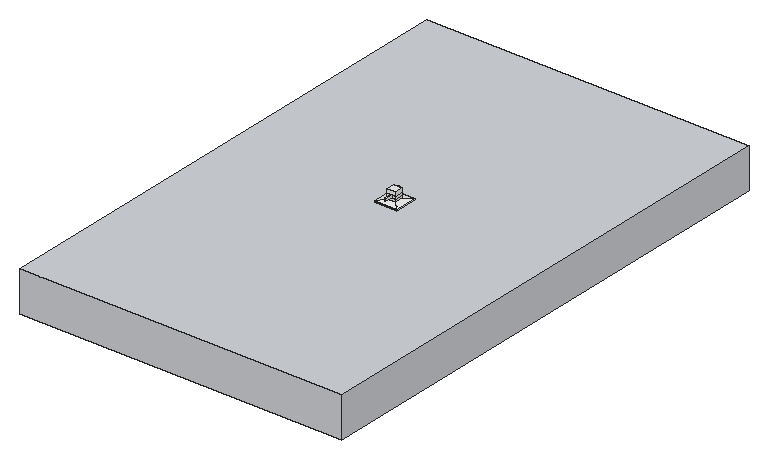
Revit family "Balance_Trim-GROHE-Allure_Brilliant-19786000-Updated", category Plumbing Fixtures, host Face, Revit 2019
Family settings
  Host = Face
  Round Connector Dimension = Use Diameter
  Part Type = Normal
  OmniClass Number = 23.45.05.14.17
  OmniClass Title = Showers
  Cut with Voids When Loaded = No
  Shared = No
  Room Calculation Point = No
Parameters (values of type "19786000")
  Width = 6 11/16"  # constant formula
  Waste Connection = no
  Warranty Information = "Limited Lifetime Warranty"  # constant formula
  Warranty Documentation Link = "https://cdn.cloud.grohe.com/tpi/1000/1900/1940/1949/1949006/original/1949006.pdf"
  WFU = 0  # constant formula
  Vent Connection = no
  URL = "https://www.grohe.us/"
  Type Comments = ""
  Shipping Weight = 6.230 lbf
  Revised Date = "07/2/2021"  # constant formula
  Product Page URL = "https://www.grohe.us/Bath-Shower-Trim-Kits/Dual-Function-Pressure-Balance-Trim-with-Control-Module/GROHE-CHROME-19786000"
  Product Documentation Link = "https://americanstandard.box.com/shared/static/on4i4oiyrb0me6a8ue2f67cj7fkzlk8w.pdf"
  Price = "Prices may vary. Please consult Manufacturer Representative for most up-to-date price list."  # constant formula
  Model = "19786000"
  Material = "Metal-Grohe-StarLight_Chrome"
  Manufacturer = "Grohe"
  Length [instance] = 3 7/16"
  Length Constraint [instance] = if(Length < 3 7/16", 3 7/16", if(Length > 4 5/8", 4 5/8", Length))  # 3 7/16"
  Keynote = "2-way diverter function"
  Installation Type = "Wall Mounted"
  IAPMO Compliance = "ASME A112.18.1/CSA B125.1"
  Height = 6 11/16"  # constant formula
  HWFU = 0  # constant formula
  HW Connection = no
  Flow Rate = "5.3 gpm at 45 psi (bottom outlet), 2.9 gpm at 45 psi (top outlet)"
  Finish = Metal-Grohe-StarLight_Chrome
  Description = "Allure Brilliant Dual Function Pressure Balance Trim with Control Module"  # constant formula
  Default Elevation = 44"  # constant formula
  Creation Date = "06/22/2017"  # constant formula
  CWFU = 0  # constant formula
  CW Connection = no
  Assembly Code = "D2010710"
Reference planes (in)
  plane 1 "Center (Front/Back)": y = 0
  plane 2: z = 0
  plane 3 "Center (Left/Right)": x = 0
  plane 4: y = 40
  plane 5: y = -18
  plane 6: y = -39
  plane 7: y = 3.34375
  plane 8: y = -3.34375
  plane 9: x = 3.34375
  plane 10: x = -3.34375
  plane 11: z = 0.75
  plane 12: y = 1.25
  plane 13: y = -1.25
  plane 14: x = -1.25
  plane 15: x = 1.25
  plane 16: z = 3.4375
  plane 17: z = 1.38932
  plane 18: z = 1.45249
  plane 19: z = 3.20601
  plane 20: z = 2.24488
  plane 21: z = 2.18172
Forms (in)
  Extrusion 1, solid
    sketch origin (0, 0, 0) x (1, 0, 0) y (0, 1, 0)
      loop
        line (-48, 72) -> (-48, -79.70833) -> (48, -79.70833) -> (48, 72) -> (-48, 72)
    from 0 to -12
  Sweep 2, solid, material "Metal-Grohe-StarLight_Chrome" <- "Finish"
    path origin (0, 0, 0) x (1, 0, 0) y (0, 1, 0)
      loop
        line (-3.34375, 3.34375) -> (-3.34375, -3.34375) -> (3.34375, -3.34375) -> (3.34375, 3.34375) -> (-3.34375, 3.34375)
    profile origin (0, 3.34375, 0) x (0, 1, 0) y (0, 0, 1)
      loop
        line (0, 0) -> (0, 0.30718) -> (-2.09375, 0.75) -> (-2.33951, 0.75) -> (-2.33951, 0) -> (0, 0)
  Extrusion 3, solid, material "Metal-Grohe-StarLight_Chrome" <- "Finish"
    sketch origin (0, 0, 0) x (1, 0, 0) y (0, 1, 0)
      loop
        line (-1.25, 1.25) -> (-1.25, -1.25) -> (1.25, -1.25) -> (1.25, 1.25) -> (-1.25, 1.25)
    from 0 to 3.4375
  Extrusion 4, void
    sketch origin (0, 0, 0) x (1, 0, 0) y (0, 1, 0)
      loop
        line (-1.1875, 1.1875) -> (-1.1875, -1.1875) -> (1.1875, -1.1875) -> (1.1875, 1.1875) -> (-1.1875, 1.1875)
      loop
        line (-1.3125, 1.3125) -> (-1.3125, -1.3125) -> (1.3125, -1.3125) -> (1.3125, 1.3125) -> (-1.3125, 1.3125)
    from 1.38932 to 1.45249
  Extrusion 5, void
    sketch origin (0, 0, 0.79239) x (1, 0, 0) y (0, 1, 0)
      loop
        line (-1.1875, 1.1875) -> (-1.1875, -1.1875) -> (1.1875, -1.1875) -> (1.1875, 1.1875) -> (-1.1875, 1.1875)
      loop
        line (-1.3125, 1.3125) -> (-1.3125, -1.3125) -> (1.3125, -1.3125) -> (1.3125, 1.3125) -> (-1.3125, 1.3125)
    from 1.38932 to 1.45249
  Extrusion 6, solid, material "Metal-Grohe-StarLight_Chrome" <- "Finish"
    sketch origin (0, 0, 0) x (0, 1, 0) y (0, 0, 1)
      loop
        line (-3.34375, 1.45249) -> (-0.62474, 1.45249) -> (-0.62474, 2.18172) -> (-3.34375, 2.18172) -> (-3.34375, 1.45249)
      loop
        line (1.61721, 3.20601) -> (0.93777, 3.20601) -> (0.93777, 2.4259) -> (1.61721, 2.4259) -> (1.61721, 3.20601)
    from -0.12889 to 0.13131
Cuts and joins
  Extrusion 4 cuts Sweep 2
  Extrusion 4, Extrusion 5 cuts Extrusion 3
  joined: Sweep 2, Extrusion 3, Extrusion 6
Lines and regions (in)
  Masking region 1
    outline origin (0, 0, 0) x (1, 0, 0) y (0, 0, 1)
      loop
        line (3.34375, 0) -> (3.34375, 0.30718) -> (1.25, 0.75) -> (1.25, 1.38932) -> (1.1875, 1.38932) -> (1.1875, 1.45249) -> (1.25, 1.45249) -> (1.25, 2.18172) -> (1.1875, 2.18172) -> (1.1875, 2.24488) -> (1.25, 2.24488) -> (1.25, 3.4375) -> (-1.25, 3.4375) -> (-1.25, 2.24488) -> (-1.1875, 2.24488) -> (-1.1875, 2.18172) -> (-1.25, 2.18172) -> (-1.25, 1.45249) -> (-1.1875, 1.45249) -> (-1.1875, 1.38932) -> (-1.25, 1.38932) -> (-1.25, 0.75) -> (-3.34375, 0.30718) -> (-3.34375, 0) -> (3.34375, 0)
  symbolic lines, detail levels medium+fine
    curve 1: line (1.25, 0, 0.75) -> (-1.25, 0, 0.75)
  symbolic lines, detail levels fine
    curve 2: line (3.34375, 0, 0.30718) -> (-3.34375, 0, 0.30718)
    curve 3: line (1.1875, 0, 1.38932) -> (-1.1875, 0, 1.38932)
    curve 4: line (1.1875, 0, 1.45249) -> (-1.1875, 0, 1.45249)
    curve 5: line (1.1875, 0, 2.18172) -> (-1.1875, 0, 2.18172)
    curve 6: line (1.1875, 0, 2.24488) -> (-1.1875, 0, 2.24488)
    curve 7: line (0.13131, 0, 3.20601) -> (-0.12889, 0, 3.20601)
    curve 8: line (0.13131, 0, 2.4259) -> (0.13131, 0, 3.20601)
    curve 9: line (-0.12889, 0, 2.4259) -> (0.13131, 0, 2.4259)
    curve 10: line (-0.12889, 0, 3.20601) -> (-0.12889, 0, 2.4259)
Dimensions and locks (in)
  plane 1 "Center (Front/Back)" to plane 5 = 18"
  plane 5 to plane 6 = 21"
  plane 1 "Center (Front/Back)" to plane 4 = 40"
  equal spacing: plane 7, plane 1 "Center (Front/Back)", plane 8
  plane 7 to plane 8 = 6 11/16"
  plane 11 to level = 3/4"
  "Width": plane 10 to plane 9
  locked: Extrusion 1 to plane 11 at 0.75
  "Length Constraint": Extrusion 1 to plane 16
  locked: plane 17 to plane 18 at 0.06317
  cut or joined group of Sweep 2, Extrusion 3, Extrusion 4, Extrusion 5, Extrusion 6 to cut or joined group of Sweep 2, Extrusion 3, Extrusion 4, Extrusion 5, Extrusion 6 = 0.72923"
  locked: cut or joined group of Sweep 2, Extrusion 3, Extrusion 4, Extrusion 5, Extrusion 6 to cut or joined group of Sweep 2, Extrusion 3, Extrusion 4, Extrusion 5, Extrusion 6 at 0.7801  (x2)
  locked: cut or joined group of Sweep 2, Extrusion 3, Extrusion 4, Extrusion 5, Extrusion 6 to cut or joined group of Sweep 2, Extrusion 3, Extrusion 4, Extrusion 5, Extrusion 6 at 0.06317
  locked: plane 19 to plane 16 at 0.23149
  locked: plane 20 to plane 16 at 1.19262
  locked: plane 21 to plane 20 at 0.06317
  locked: plane 18 to plane 21 at 0.72923
  aligned and locked: plane 2 to Extrusion 1
  aligned and locked: level to Extrusion 1
  aligned and locked: plane 18 to cut or joined group of Sweep 2, Extrusion 3, Extrusion 4, Extrusion 5, Extrusion 6
  aligned and locked: Extrusion 6 to Extrusion 4
  aligned and locked: plane 16 to Extrusion 3
  aligned and locked: plane 19 to Extrusion 6
  aligned and locked: plane 20 to Extrusion 5
  aligned and locked: Extrusion 5 to plane 21
  aligned and locked: Extrusion 6 to plane 18
  aligned and locked: plane 18 to Extrusion 4
  aligned and locked: Extrusion 4 to plane 17
  aligned and locked: Masking region 1 to plane 16
  aligned and locked: curve 6 to plane 20
  aligned and locked: curve 5 to plane 21
  aligned and locked: plane 18 to curve 4
  aligned and locked: curve 3 to plane 17
  aligned and locked: Masking region 1 sketch curve to curve 5  (x2)
  aligned and locked: Masking region 1 sketch curve to cut or joined group of Sweep 2, Extrusion 3, Extrusion 4, Extrusion 5, Extrusion 6  (x3)
  aligned and locked: Masking region 1 sketch curve to curve 3  (x2)
  aligned and locked: Masking region 1 sketch curve to plane 18
  aligned and locked: plane 20 to Masking region 1 sketch curve
  aligned and locked: Masking region 1 sketch curve to plane 21
  aligned and locked: plane 18 to Masking region 1 sketch curve
  aligned and locked: Masking region 1 sketch curve to plane 17
Automatic sketch dimensions
  Extrusion 1 sketch curve to Extrusion 1 sketch curve = 96"
  Extrusion 1 sketch curve to Extrusion 1 sketch curve = 151.70833"
  Sweep 2 sketch curve to plane 8 = 0"
  Sweep 2 sketch curve to plane 10 = 0"
  Sweep 2 sketch curve to plane 9 = 0"
  plane 7 to Sweep 2 sketch curve = 0"
  Sweep 2 sketch curve to level = 0"
  Sweep 2 sketch curve to profile plane = 0"
  level to Sweep 2 sketch curve = 3/4"
  profile plane to Sweep 2 sketch curve = 2 3/32"
  Sweep 2 sketch curve to Sweep 2 sketch curve = 0.24576"
  level to Sweep 2 sketch curve = 0.30718"
  plane 13 to Extrusion 3 sketch curve = 0"
  Extrusion 3 sketch curve to plane 14 = 0"
  Extrusion 3 sketch curve to plane 15 = 0"
  Extrusion 3 sketch curve to plane 12 = 0"
  plane 14 to Extrusion 4 sketch curve = 1/16"
  Extrusion 4 sketch curve to plane 14 = 1/16"
  Extrusion 4 sketch curve to plane 15 = 1/16"
  plane 15 to Extrusion 4 sketch curve = 1/16"
  plane 13 to Extrusion 4 sketch curve = 1/16"
  Extrusion 4 sketch curve to plane 13 = 1/16"
  Extrusion 4 sketch curve to plane 12 = 1/16"
  plane 12 to Extrusion 4 sketch curve = 1/16"
  plane 14 to Extrusion 5 sketch curve = 1/16"
  Extrusion 5 sketch curve to plane 14 = 1/16"
  Extrusion 5 sketch curve to plane 15 = 1/16"
  plane 15 to Extrusion 5 sketch curve = 1/16"
  plane 13 to Extrusion 5 sketch curve = 1/16"
  Extrusion 5 sketch curve to plane 13 = 1/16"
  Extrusion 5 sketch curve to plane 12 = 1/16"
  plane 12 to Extrusion 5 sketch curve = 1/16"
  Extrusion 6 sketch curve to plane 8 = 0"
  plane 1 "Center (Front/Back)" to Extrusion 6 sketch curve = 0.62474"
  Extrusion 6 sketch curve to plane 12 = 0.31223"
  plane 12 to Extrusion 6 sketch curve = 0.36721"
  plane 11 to Extrusion 6 sketch curve = 0.70249"
  Extrusion 6 sketch curve to Extrusion 6 sketch curve = 0.72923"
  Extrusion 6 sketch curve to Extrusion 6 sketch curve = 0.24418"
  Extrusion 6 sketch curve to Extrusion 6 sketch curve = 0.7801"
  curve 2 to plane 10 = 0"
  curve 1 to plane 11 = 0"
  plane 14 to curve 1 = 0"
  curve 10 to plane 19 = 0"
  curve 1 to plane 15 = 0"
  plane 9 to curve 2 = 0"
  curve 10 to plane 3 "Center (Left/Right)" = 33/256"
  plane 3 "Center (Left/Right)" to curve 8 = 0.13131"
  plane 20 to curve 9 = 0.18102"
  curve 4 to plane 14 = 1/16"
  curve 5 to plane 14 = 1/16"
  curve 6 to plane 14 = 1/16"
  curve 3 to plane 14 = 1/16"
  curve 4 to plane 15 = 1/16"
  curve 3 to plane 15 = 1/16"
  curve 5 to plane 15 = 1/16"
  curve 6 to plane 15 = 1/16"
  level to curve 2 = 0.30718"
  Masking region 1 sketch curve to level = 0"
  Masking region 1 sketch curve to plane 10 = 0"
  plane 14 to Masking region 1 sketch curve = 0"  (x3)
  Masking region 1 sketch curve to plane 15 = 0"  (x3)
  Masking region 1 sketch curve to plane 11 = 0"  (x2)
  plane 9 to Masking region 1 sketch curve = 0"
  Masking region 1 sketch curve to plane 16 = 0"
  level to Masking region 1 sketch curve = 0.30718"  (x2)
